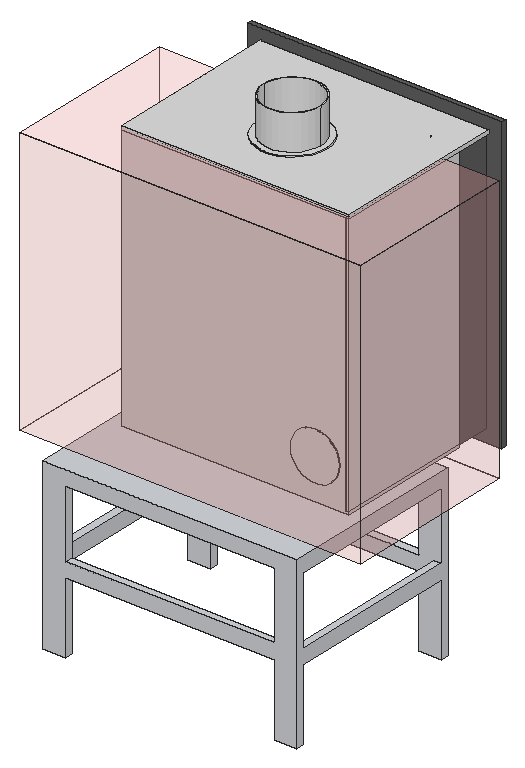
Revit family "FOGO MONTANHA-DESIGN-E609H-GLASS DOOR-R19-V00", category Mechanical Equipment, host Wall, Revit 2019
Family settings
  Host = Wall
  Round Connector Dimension = Use Diameter
  Part Type = Normal
  OmniClass Number = 23.19.17.00
  Always vertical = Yes
  Cut with Voids When Loaded = No
  Shared = No
  Room Calculation Point = No
Parameters (values of type "Glass Door-4 sided Black Steel Frame 45mm")
  r_SmallDuct_Top = Diameter / 2  # 50 mm
  r_CentralDuct_Top = F / 2  # 75 mm
  r_Duct_back = 65 mm
  V = 182
  Support Table [instance] = yes
  Pu = 5.6
  Power = 8 kW
  Pn = 8
  P = 94
  Glass = Fogo Montanha-Glass
  Frame Type = FOGO MONTANHA-DESIGN-4L FRAME : E609H-45mm-Black Steel
  Electrical Power = 32 W
  Electric tension = 230 V
  Efficiency at nominal power = "76%"
  Door_Glass_Offset = 70 mm
  Diameter = 100 mm
  Dark Glass = Fogo Montanha-Dark Glass
  URL = "https://welcome.fogo-montanha.com/pesquisar/PA2019P016"
  Door_Position = 5 mm  # constant formula
  Door = Fogo Montanha-Dark Glass
  Offset_Door-Frame = 26.7 mm
  Model = "Design-E609H"  # constant formula
  Manufacturer URL = "www.fogo-montanha.com"
  Manufacturer = "Fogo Montanha"  # constant formula
  Height from Level [instance] = 450 mm
  Version = "v00"  # constant formula
  Uniformat II Description = "Heat Generating Systems"  # constant formula
  Uniformat II Code = "D3020"  # constant formula
  Uniclass 2015 Name = "Space heaters"  # constant formula
  Uniclass 2015 Code = "TE_70_10_20_80"  # constant formula
  Uniclass 2.0 Description = "Space Heating And Cooling Products"  # constant formula
  Uniclass 2.0 Code = "PR-70-60-36-74"  # constant formula
  Uniclass 1.4 Description = "Fireplaces"  # constant formula
  Uniclass 1.4 Code = "L828"  # constant formula
  UNSPSC Description = "Space Heaters"  # constant formula
  UNSPSC Code = "40101819"  # constant formula
  Reference = "PA2019P016"
  Publication date = "08/2022"  # constant formula
  Number of Poles = 1
  NBS Reference Description = "Room Heaters"  # constant formula
  NBS Reference Code = "60-36-74"  # constant formula
  Masterformat 2014 Description = "Fireplaces and Stoves"  # constant formula
  Masterformat 2014 Code = "10 30 00"  # constant formula
  K = B + 13 mm  # 713 mm
  J = A + 17 mm  # 607 mm
  IfcExportType = "IfcSpaceHeaterType"  # constant formula
  IfcExportAs = "IfcSpaceHeater"  # constant formula
  G = 285 mm
  F = 150 mm
  Offset_Duct_Back = 90 mm
  Clearance Zone Visible [instance] = yes
  Clearance Zone = 150 mm
  Cl = 2.4
  CO2 = 9.1
  CO 13% O2 = 0.067
  Aux_Duct_Top = 120 mm
  Det_Door = -1 mm
  Description = "Inseríveis a lenha com ventilação tangencial incluída de série, disponíveis em preto, cinza ou porta em vidro. Incluem porta com sistema de fecho automático, ar externo canalizável através de um kit opcional, dupla combustão e câmara estanque. Possibilidade de regulação da ventilação através de um controlador GLA que, com a inclusão de um Damper, permitirá também o controlo do ar de combustão. Kit wi-fi opcional para gestão do controlador GLA à distância através de smartphone."  # constant formula
  D = 465 mm
  Body = Fogo Montanha-Steel Galvanized
  Base_Offset [instance] = if(and(Height from Level < 300 mm, Support Table), 300 mm, if(and(Height from Level > 545 mm, Support Table), 545 mm, Height from Level))  # 450 mm
  E = B  # 700 mm
  C = A  # 590 mm
  BIM Modeler URL = "www.stratbim.com"
  BIM Modeler = "StratBIM"
  B = 700 mm
  Assembly Code = "D3020"
  A = 590 mm
Types (6, lengths in mm): name | Power | Frame Type | URL
  Glass Door-4 sided Black Steel Frame 45mm | 8 kW | FOGO MONTANHA-DESIGN-4L FRAME : E609H-45mm-Black Steel | "https://welcome.fogo-montanha.com/pesquisar/PA2019P016"
  Glass Door-4 sided Black Steel Frame 20mm | 8 kW | FOGO MONTANHA-DESIGN-4L FRAME : E609H-20mm-Black Steel | "https://welcome.fogo-montanha.com/pesquisar/PA2019P016"
  Glass Door-3 sided Black Steel Frame 45mm | 8 kW | FOGO MONTANHA-DESIGN-3L FRAME : E609H-45mm-Black Steel | "https://welcome.fogo-montanha.com/pesquisar/PA2019P016"
  Glass Door-3 sided Black Steel Frame 20mm | 8 kW | FOGO MONTANHA-DESIGN-3L FRAME : E609H-20mm-Black Steel | "https://welcome.fogo-montanha.com/pesquisar/PA2019P016"
  Glass Door-3 sided Glass Frame 50mm | 8 kW | FOGO MONTANHA-DESIGN-3L FRAME : E609H-50mm-Glass | "https://welcome.fogo-montanha.com/pesquisar/PA2019P016"
  Glass Door-4 sided Glass Frame 50mm | 11.9 kW | FOGO MONTANHA-DESIGN-4L FRAME : E609H-50mm-Glass | "https:///welcome.fogo-montanha.com/pesquisar/PA2019P016"
Reference planes
  plane 1 "Wall": y = 0
  plane 2 "Center (Left/Right)": x = 0
  plane 3 "Front": y = 75
  plane 4 "2": x = 295
  plane 5 "3": x = -295
  plane 6 "4": x = -295
  plane 7 "5": x = 295
  plane 8 "6": x = -303.5
  plane 9 "7": x = 303.5
  plane 10 "K'": z = 1163
  plane 11 "K": z = 450
  plane 12: y = -200
  plane 13: y = -390
  plane 14 "8": x = -50
  plane 15 "9": x = 50
  plane 16 "10": x = 213.5
  plane 17: z = 806.5
  plane 18 "B'": z = 1156.5
  plane 19 "B": z = 456.5
  plane 20 "E'": z = 1156.5
  plane 21 "E": z = 456.5
  plane 22 "L": z = 558.7
  plane 23: y = -46
  plane 24 "M": x = -183.5
  plane 25 "M'": x = 183.5
  plane 26: z = 462
  plane 27 "S": x = -298.5
  plane 28 "T": x = 298.5
  plane 29 "U": x = 271.8
  plane 30 "V": x = -271.8
  plane 31: z = 1129.8
  plane 32: z = 488.7
  plane 33: z = 558.7
  plane 34: z = 1059.8
  plane 35 "W": x = 201.8
  plane 36 "X": x = -201.8
  plane 37: y = -340
  plane 38 "Y": x = 100
  plane 39 "AA": x = -100
  plane 40: y = 87
  plane 41 "BB": z = 1263
  plane 42 "Origin": z = 0
  plane 43: y = -25
Forms (mm)
  Extrusion 1, solid, material "Fogo Montanha-Steel Galvanized" <- "Body", detail levels coarse
    sketch origin (0, 75, 0) x (1, 0, 0) y (0, 0, 1)
      loop
        line (303.5, 450) -> (303.5, 1156.5) -> (-303.5, 1156.5) -> (-303.5, 450) -> (303.5, 450)
    from 0 to 465
  Extrusion 2, solid, material "Fogo Montanha-Steel Galvanized" <- "Body", detail levels medium+fine
    sketch origin (-303.5, 0, 0) x (0, 1, 0) y (0, 0, 1)
      loop
        line (-25, 456.5) -> (-25, 1156.5) -> (-200, 1156.5) -> (-390, 1156.5) -> (-390, 456.5) -> (-25, 456.5)
    from 0 to 8.5
  Extrusion 3, solid, material "Fogo Montanha-Steel Galvanized" <- "Body", detail levels medium+fine
    sketch origin (303.5, 30, 0) x (0, 1, 0) y (0, 0, -1)
      loop
        line (-55, -456.5) -> (-420, -456.5) -> (-420, -1156.5) -> (-230, -1156.5) -> (-55, -1156.5) -> (-55, -456.5)
    from 0 to 8.5
  Extrusion 4, solid, material "Fogo Montanha-Steel Galvanized" <- "Body", detail levels medium+fine
    sketch origin (1420, -390, 1200) x (1, 0, 0) y (0, 0, 1)
      loop
        line (-1125, -743.5) -> (-1125, -43.5) -> (-1715, -43.5) -> (-1715, -743.5) -> (-1125, -743.5)
    from 0 to -8
  Extrusion 5, solid, material "Fogo Montanha-Steel Galvanized" <- "Body", detail levels medium+fine
    sketch origin (2348.699, 225, 1156.5) x (1, 0, 0) y (0, 1, 0)
      loop
        line (-2652.199, -150) -> (-2652.199, -615) -> (-2045.199, -615) -> (-2045.199, -150) -> (-2652.199, -150)
      loop
        circle (-2348.699, -425) r 75
    from 10 to 0
  Extrusion 6, solid, material "Fogo Montanha-Steel Galvanized" <- "Body", detail levels medium+fine
    sketch origin (2348.699, 225, 456.5) x (1, 0, 0) y (0, 1, 0)
      loop
        line (-2652.199, -250) -> (-2652.199, -615) -> (-2045.199, -615) -> (-2045.199, -250) -> (-2652.199, -250)
    from -6.5 to 0
  Extrusion 7, solid, material "Fogo Montanha-Steel Galvanized" <- "Body", detail levels medium+fine
    sketch origin (1420, -390, 1200) x (1, 0, 0) y (0, 0, 1)
      loop
        circle (-1206.5, -641.3) r 65
    from 0 to 1
  Sweep 8, solid, material "Fogo Montanha-Steel Galvanized" <- "Body"
    path in 3D
      loop
        arc (-75, -200, 1163) -> (0, -275, 1163) -> (75, -200, 1163) r 75
        arc (75, -200, 1163) -> (0, -125, 1163) -> (-75, -200, 1163) r 75
    profile origin (0, -125, 1163) x (0, -1, 0) y (0, 0, 1)
      loop
        line (0, 3.5) -> (0, 100) -> (-2, 100) -> (-2, 6.467) -> (-17, 6.467) -> (-17, 3.5) -> (0, 3.5)
  Extrusion 9, solid, material "Fogo Montanha-Dark Glass" <- "Dark Glass", detail levels medium+fine
    sketch origin (0, 75, 0) x (1, 0, 0) y (0, 0, 1)
      loop
        line (271.8, 488.7) -> (271.8, 1129.8) -> (-271.8, 1129.8) -> (-271.8, 488.7) -> (271.8, 488.7)
      loop
        line (201.8, 558.7) -> (201.8, 1059.8) -> (-201.8, 1059.8) -> (-201.8, 558.7) -> (201.8, 558.7)
    from 0 to -2
  Extrusion 10, solid, material "Fogo Montanha-Vermiculite", detail levels medium+fine
    sketch origin (-271.8, 0, 0) x (0, 1, 0) y (0, 0, 1)
      loop
        line (-25, 488.7) -> (-25, 1059.8) -> (-200, 1059.8) -> (-340, 806.5) -> (-340, 488.7) -> (-25, 488.7)
    from 0 to 8.5
  Extrusion 11, solid, material "Fogo Montanha-Vermiculite", detail levels medium+fine
    sketch origin (271.8, 0, 0) x (0, 1, 0) y (0, 0, 1)
      loop
        line (-25, 488.7) -> (-25, 1059.8) -> (-200, 1059.8) -> (-340, 806.5) -> (-340, 488.7) -> (-25, 488.7)
    from 0 to -8.5
  Extrusion 12, solid, material "Fogo Montanha-Vermiculite", detail levels medium+fine
    sketch origin (1420, -340, 1200) x (1, 0, 0) y (0, 0, 1)
      loop
        line (-1156.7, -711.3) -> (-1156.7, -393.5) -> (-1683.3, -393.5) -> (-1683.3, -711.3) -> (-1156.7, -711.3)
    from 0 to -8.5
  Extrusion 13, solid, material "Fogo Montanha-Vermiculite", detail levels medium+fine
    sketch origin (0, 0, 0) x (0, 1, 0) y (0, 0, 1)
      loop
        line (-200, 1059.8) -> (-340, 806.5) -> (-329.009, 806.5) -> (-200, 1046.392) -> (-200, 1059.8)
    from -271.8 to 271.8
  Extrusion 14, solid, material "Fogo Montanha-Vermiculite", detail levels medium+fine
    sketch origin (2348.699, 225, 488.7) x (1, 0, 0) y (0, 1, 0)
      loop
        line (-2620.499, -250) -> (-2620.499, -565) -> (-2076.899, -565) -> (-2076.899, -250) -> (-2620.499, -250)
      loop
        line (-2248.699, -271) -> (-2448.699, -271) -> (-2448.699, -425) -> (-2248.699, -425) -> (-2248.699, -271)
    from 0 to 10
  Extrusion 15, solid, material "Fogo Montanha-Steel Galvanized", detail levels medium+fine
    sketch origin (2348.699, 225, 488.7) x (1, 0, 0) y (0, 1, 0)
      loop
        line (-2248.699, -271) -> (-2448.699, -271) -> (-2448.699, -425) -> (-2248.699, -425) -> (-2248.699, -271)
      loop
        line (-2435.699, -300) -> (-2361.699, -300)
        arc (-2361.699, -300) -> (-2359.578, -299.121) -> (-2358.699, -297) r 3
        line (-2358.699, -297) -> (-2358.699, -284)
        arc (-2358.699, -284) -> (-2359.578, -281.879) -> (-2361.699, -281) r 3
        line (-2361.699, -281) -> (-2435.699, -281)
        arc (-2435.699, -281) -> (-2437.82, -281.879) -> (-2438.699, -284) r 3
        line (-2438.699, -284) -> (-2438.699, -297)
        arc (-2438.699, -297) -> (-2437.82, -299.121) -> (-2435.699, -300) r 3
      loop
        arc (-2261.699, -300) -> (-2259.578, -299.121) -> (-2258.699, -297) r 3
        line (-2258.699, -297) -> (-2258.699, -284)
        arc (-2258.699, -284) -> (-2259.578, -281.879) -> (-2261.699, -281) r 3
        line (-2261.699, -281) -> (-2335.699, -281)
        arc (-2335.699, -281) -> (-2337.82, -281.879) -> (-2338.699, -284) r 3
        line (-2338.699, -284) -> (-2338.699, -297)
        arc (-2338.699, -297) -> (-2337.82, -299.121) -> (-2335.699, -300) r 3
        line (-2335.699, -300) -> (-2261.699, -300)
      loop
        line (-2435.699, -329) -> (-2361.699, -329)
        arc (-2361.699, -329) -> (-2359.578, -328.121) -> (-2358.699, -326) r 3
        line (-2358.699, -326) -> (-2358.699, -313)
        arc (-2358.699, -313) -> (-2359.578, -310.879) -> (-2361.699, -310) r 3
        line (-2361.699, -310) -> (-2435.699, -310)
        arc (-2435.699, -310) -> (-2437.82, -310.879) -> (-2438.699, -313) r 3
        line (-2438.699, -313) -> (-2438.699, -326)
        arc (-2438.699, -326) -> (-2437.82, -328.121) -> (-2435.699, -329) r 3
      loop
        arc (-2261.699, -329) -> (-2259.578, -328.121) -> (-2258.699, -326) r 3
        line (-2258.699, -326) -> (-2258.699, -313)
        arc (-2258.699, -313) -> (-2259.578, -310.879) -> (-2261.699, -310) r 3
        line (-2261.699, -310) -> (-2335.699, -310)
        arc (-2335.699, -310) -> (-2337.82, -310.879) -> (-2338.699, -313) r 3
        line (-2338.699, -313) -> (-2338.699, -326)
        arc (-2338.699, -326) -> (-2337.82, -328.121) -> (-2335.699, -329) r 3
        line (-2335.699, -329) -> (-2261.699, -329)
      loop
        line (-2435.699, -358) -> (-2361.699, -358)
        arc (-2361.699, -358) -> (-2359.578, -357.121) -> (-2358.699, -355) r 3
        line (-2358.699, -355) -> (-2358.699, -342)
        arc (-2358.699, -342) -> (-2359.578, -339.879) -> (-2361.699, -339) r 3
        line (-2361.699, -339) -> (-2435.699, -339)
        arc (-2435.699, -339) -> (-2437.82, -339.879) -> (-2438.699, -342) r 3
        line (-2438.699, -342) -> (-2438.699, -355)
        arc (-2438.699, -355) -> (-2437.82, -357.121) -> (-2435.699, -358) r 3
      loop
        arc (-2261.699, -358) -> (-2259.578, -357.121) -> (-2258.699, -355) r 3
        line (-2258.699, -355) -> (-2258.699, -342)
        arc (-2258.699, -342) -> (-2259.578, -339.879) -> (-2261.699, -339) r 3
        line (-2261.699, -339) -> (-2335.699, -339)
        arc (-2335.699, -339) -> (-2337.82, -339.879) -> (-2338.699, -342) r 3
        line (-2338.699, -342) -> (-2338.699, -355)
        arc (-2338.699, -355) -> (-2337.82, -357.121) -> (-2335.699, -358) r 3
        line (-2335.699, -358) -> (-2261.699, -358)
      loop
        line (-2435.699, -387) -> (-2361.699, -387)
        arc (-2361.699, -387) -> (-2359.578, -386.121) -> (-2358.699, -384) r 3
        line (-2358.699, -384) -> (-2358.699, -371)
        arc (-2358.699, -371) -> (-2359.578, -368.879) -> (-2361.699, -368) r 3
        line (-2361.699, -368) -> (-2435.699, -368)
        arc (-2435.699, -368) -> (-2437.82, -368.879) -> (-2438.699, -371) r 3
        line (-2438.699, -371) -> (-2438.699, -384)
        arc (-2438.699, -384) -> (-2437.82, -386.121) -> (-2435.699, -387) r 3
      loop
        arc (-2261.699, -387) -> (-2259.578, -386.121) -> (-2258.699, -384) r 3
        line (-2258.699, -384) -> (-2258.699, -371)
        arc (-2258.699, -371) -> (-2259.578, -368.879) -> (-2261.699, -368) r 3
        line (-2261.699, -368) -> (-2335.699, -368)
        arc (-2335.699, -368) -> (-2337.82, -368.879) -> (-2338.699, -371) r 3
        line (-2338.699, -371) -> (-2338.699, -384)
        arc (-2338.699, -384) -> (-2337.82, -386.121) -> (-2335.699, -387) r 3
        line (-2335.699, -387) -> (-2261.699, -387)
      loop
        line (-2435.699, -416) -> (-2361.699, -416)
        arc (-2361.699, -416) -> (-2359.578, -415.121) -> (-2358.699, -413) r 3
        line (-2358.699, -413) -> (-2358.699, -400)
        arc (-2358.699, -400) -> (-2359.578, -397.879) -> (-2361.699, -397) r 3
        line (-2361.699, -397) -> (-2435.699, -397)
        arc (-2435.699, -397) -> (-2437.82, -397.879) -> (-2438.699, -400) r 3
        line (-2438.699, -400) -> (-2438.699, -413)
        arc (-2438.699, -413) -> (-2437.82, -415.121) -> (-2435.699, -416) r 3
      loop
        arc (-2261.699, -416) -> (-2259.578, -415.121) -> (-2258.699, -413) r 3
        line (-2258.699, -413) -> (-2258.699, -400)
        arc (-2258.699, -400) -> (-2259.578, -397.879) -> (-2261.699, -397) r 3
        line (-2261.699, -397) -> (-2335.699, -397)
        arc (-2335.699, -397) -> (-2337.82, -397.879) -> (-2338.699, -400) r 3
        line (-2338.699, -400) -> (-2338.699, -413)
        arc (-2338.699, -413) -> (-2337.82, -415.121) -> (-2335.699, -416) r 3
        line (-2335.699, -416) -> (-2261.699, -416)
    from 0 to 10
  Extrusion 16, solid, material "Fogo Montanha-Black Steel", detail levels medium+fine
    sketch origin (0, 75, 0) x (1, 0, 0) y (0, 0, 1)
      loop
        line (271.8, 488.7) -> (271.8, 1129.8) -> (-271.8, 1129.8) -> (-271.8, 488.7) -> (-269.8, 488.7) -> (-269.8, 1127.8) -> (269.8, 1127.8) -> (269.8, 488.7) -> (271.8, 488.7)
    from 0 to 100
  Extrusion 17, solid, visible <- "Clearance Zone Visible"
    sketch origin (2348.699, 225, 1156.5) x (1, 0, 0) y (0, 1, 0)
      loop
        line (-2802.199, -300) -> (-2802.199, -765) -> (-1895.199, -765) -> (-1895.199, -300) -> (-2045.199, -300) -> (-2045.199, -615) -> (-2652.199, -615) -> (-2652.199, -300) -> (-2802.199, -300)
    from -706.5 to 6.5
  Extrusion 18, solid
    sketch origin (2348.699, 225, 1163) x (1, 0, 0) y (0, 1, 0)
      loop
        circle (-2165.199, -271) r 50
    from 0 to 1
  Extrusion 19, solid
    sketch origin (2348.699, 225, 1163) x (1, 0, 0) y (0, 1, 0)
      loop
        circle (-2532.199, -271) r 50
    from 0 to 1
  Extrusion 20, solid, material "Fogo Montanha-Black Steel", detail levels medium+fine
    sketch origin (1420, -25, 1200) x (1, 0, 0) y (0, 0, 1)
      loop
        line (-1148.2, -711.3) -> (-1148.2, -70.2) -> (-1691.8, -70.2) -> (-1691.8, -711.3) -> (-1148.2, -711.3)
      loop
        line (-1125, -750) -> (-1125, -43.5) -> (-1715, -43.5) -> (-1715, -750) -> (-1125, -750)
    from 0 to -10
  Extrusion 21, solid, material "Fogo Montanha-Black Steel", detail levels medium+fine
    sketch origin (0, 75, 0) x (1, 0, 0) y (0, 0, 1)
      loop
        line (271.8, 486.7) -> (271.8, 1129.8) -> (-271.8, 1129.8) -> (-271.8, 486.7) -> (271.8, 486.7)
      loop
        line (269.8, 488.7) -> (269.8, 1127.8) -> (-269.8, 1127.8) -> (-269.8, 488.7) -> (269.8, 488.7)
    from 0 to 100
  Extrusion 22, solid, material "Fogo Montanha-Black Steel", detail levels medium+fine
    sketch origin (0, 75, 0) x (1, 0, 0) y (0, 0, 1)
      loop
        line (297, 450) -> (297, 1156.5) -> (-297, 1156.5) -> (-297, 450) -> (297, 450)
      loop
        line (295, 452) -> (295, 1154.5) -> (-295, 1154.5) -> (-295, 452) -> (295, 452)
    from 0 to 100
  Extrusion 23, solid, material "Fogo Montanha-Dark Glass", detail levels medium+fine
    sketch origin (0, 75, 0) x (1, 0, 0) y (0, 0, 1)
      loop
        line (271.8, 488.7) -> (271.8, 1129.8) -> (-271.8, 1129.8) -> (-271.8, 488.7) -> (271.8, 488.7)
      loop
        line (-201.8, 558.7) -> (201.8, 558.7) -> (201.8, 1059.8) -> (-201.8, 1059.8) -> (-201.8, 558.7)
    from 0 to 2
  Extrusion 24, solid, material "Fogo Montanha-Glass" <- "Glass", detail levels medium+fine
    sketch origin (0, 75, 0) x (1, 0, 0) y (0, 0, 1)
      loop
        line (201.8, 558.7) -> (201.8, 1059.8) -> (-201.8, 1059.8) -> (-201.8, 558.7) -> (201.8, 558.7)
    from 0 to 2
  Extrusion 25, solid, material "Fogo Montanha-Steel", detail levels medium+fine
    sketch origin (0, 0, 0) x (0, 1, 0) y (0, 0, 1)
      loop
        line (-46, 1088.8) -> (-46, 1096.8) -> (-250, 1096.8) -> (-250, 1071.347) -> (-200, 1071.347) -> (-180, 1059.8) -> (-75, 1059.8) -> (-46, 1088.8)
    from -150 to 150
  Extrusion 26, solid, material "Fogo Montanha-Black Steel", detail levels medium+fine
    sketch origin (0, 0, 103.5) x (1, 0, 0) y (0, 0, 1)
      loop
        line (271.8, 385.2) -> (271.8, 1026.3) -> (-271.8, 1026.3) -> (-271.8, 385.2) -> (271.8, 385.2)
      loop
        line (-201.8, 455.2) -> (201.8, 455.2) -> (201.8, 956.3) -> (-201.8, 956.3) -> (-201.8, 455.2)
    from -20 to -22
  Extrusion 27, solid, material "Fogo Montanha-Black Steel", detail levels medium+fine
    sketch origin (0, 75, 107.7) x (1, 0, 0) y (0, 0, 1)
      loop
        line (271.8, 451) -> (-271.8, 451) -> (-271.8, 449) -> (271.8, 449) -> (271.8, 451)
    from 2 to 53
Cuts and joins
  joined: Extrusion 10, Extrusion 11, Extrusion 12, Extrusion 13, Extrusion 14
  joined: Extrusion 21, Extrusion 27
  joined: Extrusion 16, Extrusion 26
  joined: Extrusion 2, Extrusion 4, Extrusion 6
Lines and regions (mm)
  Opening 1
    outline origin (-5000, -75, 0) x (1, 0, 0) y (0, 0, 1)
      loop
        line (4696.5, 450) -> (5303.5, 450) -> (5303.5, 1163) -> (4696.5, 1163) -> (4696.5, 450)
  reference lines
    curve 1: circle (0, -200, 1163) r 75 normal (0, 0, 1)
    curve 2: circle (213.5, 75, 558.7) r 65 normal (0, -1, 0)
    curve 4: circle (-183.5, -46, 1156.5) r 50 normal (0, 0, 1)
    curve 5: circle (183.5, -46, 1156.5) r 50 normal (0, 0, 1)
  sketch lines
    curve 3: circle (0, -200, 1163) r 75 normal (0, 0, 1)
Text (mm)
  text "Placement side" at (-1304.494, 278.82, 0), in view "Ref. Level"
  text "Placement side" at (0, 1334.055, 2976.191), in view "Left"
  text "Placement side" at (0, 439.194, 2944.362), in view "Right"
Dimensions and locks
  locked: plane 3 "Front" to host wall at 0
  "C": plane 4 "2" to plane 5 "3"
  equal spacing: plane 4 "2", plane 2 "Center (Left/Right)", plane 5 "3"
  equal spacing: plane 7 "5", plane 2 "Center (Left/Right)", plane 6 "4"
  "A": plane 7 "5" to plane 6 "4"
  equal spacing: plane 9 "7", plane 2 "Center (Left/Right)", plane 8 "6"
  "J": plane 8 "6" to plane 9 "7"
  "K": plane 11 "K" to plane 10 "K'"
  "Base_Offset": level to plane 11 "K"
  equal spacing: plane 14 "8", plane 2 "Center (Left/Right)", plane 15 "9"
  plane 14 "8" to plane 15 "9" = 100 mm
  equal spacing: plane 11 "K", plane 17, plane 10 "K'"
  equal spacing: plane 19 "B", plane 17, plane 18 "B'"
  "B": plane 19 "B" to plane 18 "B'"
  equal spacing: plane 21 "E", plane 17, plane 20 "E'"
  "E": plane 21 "E" to plane 20 "E'"
  "Offset_Duct_Back": plane 9 "7" to plane 16 "10"
  locked: plane 11 "K" to plane 22 "L" at 108.7
  "Aux_Duct_Top": plane 8 "6" to plane 24 "M"
  "Aux_Duct_Top": plane 25 "M'" to plane 9 "7"
  "Offset_Door-Frame": plane 26 to plane 32
  "Offset_Door-Frame": plane 28 "T" to plane 29 "U"
  "Offset_Door-Frame": plane 30 "V" to plane 27 "S"
  "Door_Glass_Offset": plane 32 to plane 33
  "Door_Glass_Offset": plane 34 to plane 31
  "Door_Glass_Offset": plane 29 "U" to plane 35 "W"
  "Door_Glass_Offset": plane 36 "X" to plane 30 "V"
  locked: plane 13 to plane 37 at 50
  locked: plane 3 "Front" to plane 40 at 12
  Extrusion 15 sketch curve to Extrusion 15 sketch curve to Extrusion 15 sketch curve to Extrusion 15 sketch curve to Extrusion 15 sketch curve to Extrusion 15 sketch curve = 10 mm locked, 80 mm locked, 20 mm locked, 80 mm locked, 10 mm locked
  Extrusion 15 sketch curve to Extrusion 15 sketch curve to Extrusion 15 sketch curve to Extrusion 15 sketch curve to Extrusion 15 sketch curve to Extrusion 15 sketch curve to Extrusion 15 sketch curve to Extrusion 15 sketch curve to Extrusion 15 sketch curve to Extrusion 15 sketch curve to Extrusion 15 sketch curve to Extrusion 15 sketch curve = 10 mm locked, 19 mm locked, 10 mm locked, 19 mm locked, 10 mm locked, 19 mm locked, 10 mm locked, 19 mm locked, 10 mm locked, 19 mm locked, 9 mm locked
  "Door_Position": plane 9 "7" to plane 28 "T"
  "Door_Position": plane 27 "S" to plane 8 "6"
  locked: plane 43 to plane 3 "Front" at 100
  "Clearance Zone": Extrusion 17 sketch curve to Extrusion 17 sketch curve  (x3)
  locked: Extrusion 9 to Extrusion 16 at 2
  locked: Extrusion 16 to Extrusion 9 at 2  (x2)
  locked: Extrusion 21 sketch curve to Extrusion 9 at 2
  "Offset_Door-Frame": plane 31 to plane 20 "E'"
  locked: plane 10 "K'" to plane 41 "BB" at 100
  Extrusion 27 sketch curve to plane 33 = 2 mm
  plane 11 "K" to Extrusion 22 sketch curve = 2 mm
  locked: Extrusion 22 sketch curve to plane 20 "E'" at 2
  locked: Extrusion 22 sketch curve to plane 7 "5" at 2
  locked: plane 6 "4" to Extrusion 22 sketch curve at 2
  plane 11 "K" to plane 21 "E" = 6.5 mm
  locked: plane 11 "K" to plane 26 at 12
  locked: plane 37 to plane 12 at 140
  locked: plane 12 to plane 23 at 154
  locked: plane 23 to plane 43 at 21
  cut or joined group of Extrusion 16, Extrusion 26 to cut or joined group of Extrusion 16, Extrusion 26 to plane 40 = 2 mm locked, 65 mm locked
  locked: plane 43 to plane 1 "Wall" at 25
  "r_CentralDuct_Top": radius of curve 1
  "r_Duct_back": radius of curve 2
  "r_SmallDuct_Top": radius of curve 5
  "r_SmallDuct_Top": radius of curve 4
  aligned and locked: plane 8 "6" to Opening 1 sketch curve
  aligned and locked: Opening 1 sketch curve to plane 9 "7"
  aligned and locked: plane 10 "K'" to Opening 1 sketch curve
  aligned and locked: plane 11 "K" to Opening 1 sketch curve
  aligned and locked: plane 8 "6" to Extrusion 1 sketch curve
  aligned and locked: Extrusion 1 sketch curve to plane 9 "7"
  aligned and locked: plane 18 "B'" to Extrusion 1 sketch curve
  aligned and locked: plane 13 to Extrusion 1
  aligned and locked: plane 19 "B" to Extrusion 2 sketch curve
  aligned and locked: plane 18 "B'" to Extrusion 2 sketch curve
  aligned and locked: plane 13 to Extrusion 2 sketch curve
  aligned and locked: Extrusion 3 sketch curve to plane 18 "B'"
  aligned and locked: Extrusion 3 sketch curve to plane 13
  aligned and locked: Extrusion 3 sketch curve to plane 19 "B"
  aligned and locked: plane 4 "2" to Extrusion 4 sketch curve
  aligned and locked: plane 5 "3" to Extrusion 4 sketch curve
  aligned and locked: plane 21 "E" to Extrusion 4 sketch curve
  aligned and locked: plane 20 "E'" to Extrusion 4 sketch curve
  aligned and locked: plane 5 "3" to Extrusion 2
  aligned and locked: Extrusion 3 to plane 4 "2"
  aligned and locked: Extrusion 5 sketch curve to plane 8 "6"
  aligned and locked: plane 9 "7" to Extrusion 5 sketch curve
  aligned and locked: Extrusion 5 sketch curve to plane 13
  aligned and locked: Extrusion 5 sketch curve to curve 1
  aligned and locked: plane 9 "7" to Extrusion 6 sketch curve
  aligned and locked: Extrusion 6 sketch curve to plane 8 "6"
  aligned and locked: Extrusion 6 sketch curve to plane 13
  aligned and locked: Extrusion 7 sketch curve to curve 2
  aligned and locked: plane 24 "M" to curve 4
  aligned and locked: plane 23 to curve 4
  aligned and locked: plane 23 to curve 5
  aligned and locked: plane 25 "M'" to curve 5
  aligned and locked: plane 32 to Extrusion 9 sketch curve
  aligned and locked: Extrusion 9 sketch curve to plane 29 "U"
  aligned and locked: Extrusion 9 sketch curve to plane 31
  aligned and locked: plane 30 "V" to Extrusion 9 sketch curve
  aligned and locked: Extrusion 10 to plane 32
  aligned and locked: plane 34 to Extrusion 10 sketch curve
  aligned and locked: plane 12 to Extrusion 10 sketch curve
  aligned and locked: Extrusion 12 to Extrusion 10
  aligned and locked: Extrusion 12 to Extrusion 11
  aligned and locked: Extrusion 11 sketch curve to Extrusion 12
  aligned and locked: Extrusion 10 sketch curve to plane 37
  aligned and locked: plane 17 to Extrusion 12
  aligned and locked: plane 17 to Extrusion 10 sketch curve
  aligned and locked: plane 17 to Extrusion 11 sketch curve
  aligned and locked: Extrusion 13 sketch curve to Extrusion 10
  aligned and locked: plane 17 to Extrusion 13 sketch curve
  aligned and locked: plane 12 to Extrusion 13 sketch curve
  aligned and locked: plane 29 "U" to Extrusion 13
  aligned and locked: Extrusion 13 to plane 30 "V"
  aligned and locked: Extrusion 10 to Extrusion 12
  aligned and locked: Extrusion 14 sketch curve to plane 30 "V"
  aligned and locked: Extrusion 14 sketch curve to plane 37
  aligned and locked: Extrusion 14 sketch curve to plane 29 "U"
  aligned and locked: plane 12 to Extrusion 14 sketch curve
  aligned and locked: Extrusion 14 sketch curve to plane 23
  aligned and locked: Extrusion 14 sketch curve to plane 39 "AA"
  aligned and locked: plane 38 "Y" to Extrusion 14 sketch curve
  aligned and locked: Extrusion 15 sketch curve to plane 38 "Y"
  aligned and locked: Extrusion 15 sketch curve to plane 23
  aligned and locked: Extrusion 15 to plane 32
  aligned and locked: Extrusion 14 to Extrusion 15
  aligned and locked: Extrusion 15 sketch curve to Extrusion 15 sketch curve  (x26)
  aligned and locked: nested 1 to plane 2 "Center (Left/Right)"
  aligned and locked: plane 41 "BB" to Sweep 8 sketch curve
  aligned and locked: Extrusion 5 to Sweep 8 sketch curve
  aligned and locked: level to plane 42 "Origin"
  aligned and locked: Extrusion 10 sketch curve to plane 43
  aligned and locked: plane 43 to Extrusion 3 sketch curve
  aligned and locked: Extrusion 2 sketch curve to plane 43
  aligned and locked: plane 29 "U" to Extrusion 16 sketch curve
  aligned and locked: plane 31 to Extrusion 16 sketch curve
  aligned and locked: plane 30 "V" to Extrusion 16 sketch curve
  aligned and locked: Extrusion 16 sketch curve to plane 32
  aligned and locked: plane 32 to Extrusion 16 sketch curve
  aligned and locked: plane 43 to Extrusion 16
  aligned and locked: Extrusion 14 sketch curve to plane 43
  aligned and locked: Extrusion 17 sketch curve to host wall
  aligned and locked: host wall to Extrusion 17 sketch curve
  aligned and locked: Extrusion 17 to host wall  (x2)
  aligned and locked: Extrusion 18 sketch curve to curve 5
  aligned and locked: Extrusion 19 sketch curve to curve 4
  aligned and locked: Extrusion 6 to plane 11 "K"
  aligned and locked: nested 1 to plane 17
  aligned and locked: Extrusion 22 sketch curve to plane 7 "5"
  aligned and locked: Extrusion 22 sketch curve to plane 20 "E'"
  aligned and locked: plane 6 "4" to Extrusion 22 sketch curve
  aligned and locked: plane 31 to Extrusion 23 sketch curve
  aligned and locked: Extrusion 23 sketch curve to plane 30 "V"
  aligned and locked: plane 29 "U" to Extrusion 23 sketch curve
  aligned and locked: Extrusion 23 sketch curve to plane 32
  aligned and locked: Extrusion 6 to Extrusion 2
  aligned and locked: plane 35 "W" to Extrusion 9 sketch curve
  aligned and locked: plane 34 to Extrusion 9 sketch curve
  aligned and locked: plane 36 "X" to Extrusion 9 sketch curve
  aligned and locked: plane 33 to Extrusion 9 sketch curve
  aligned and locked: plane 35 "W" to Extrusion 24 sketch curve
  aligned and locked: plane 34 to Extrusion 24 sketch curve
  aligned and locked: plane 33 to Extrusion 24 sketch curve
  aligned and locked: plane 36 "X" to Extrusion 24 sketch curve
  aligned and locked: Extrusion 11 sketch curve to plane 43
  aligned and locked: plane 23 to Extrusion 25 sketch curve
  aligned and locked: Extrusion 27 to Extrusion 26
  aligned and locked: Extrusion 27 sketch curve to plane 33
  aligned and locked: plane 29 "U" to Extrusion 26 sketch curve
  aligned and locked: Extrusion 26 sketch curve to plane 30 "V"
  aligned and locked: plane 29 "U" to Extrusion 27
  aligned and locked: Extrusion 27 to plane 30 "V"
  aligned and locked: Extrusion 26 sketch curve to plane 34
  aligned and locked: plane 31 to Extrusion 26 sketch curve
  aligned and locked: plane 9 "7" to Extrusion 17 sketch curve
  aligned and locked: Extrusion 17 sketch curve to plane 8 "6"
  aligned and locked: plane 13 to Extrusion 17 sketch curve
  aligned and locked: Extrusion 20 sketch curve to plane 20 "E'"
  aligned and locked: Extrusion 20 sketch curve to plane 31
  aligned and locked: Extrusion 20 sketch curve to plane 32
  aligned and locked: Extrusion 20 sketch curve to plane 7 "5"
  aligned and locked: Extrusion 20 sketch curve to plane 29 "U"
  aligned and locked: Extrusion 20 sketch curve to plane 6 "4"
  aligned and locked: Extrusion 20 sketch curve to plane 30 "V"
  aligned and locked: plane 33 to Extrusion 26 sketch curve
  aligned and locked: Extrusion 26 sketch curve to plane 32
  aligned and locked: Extrusion 1 sketch curve to plane 11 "K"
  aligned and locked: Extrusion 22 sketch curve to plane 11 "K"
  aligned and locked: Extrusion 20 sketch curve to plane 11 "K"
  aligned and locked: nested 2 to plane 2 "Center (Left/Right)"
  aligned and locked: nested 2 to host wall
  aligned and locked: Extrusion 27 to cut or joined group of Extrusion 16, Extrusion 26
  aligned and locked: Extrusion 27 to Extrusion 23
Automatic sketch dimensions
  Extrusion 2 sketch curve to plane 12 = 0 mm
  Extrusion 3 sketch curve to plane 12 = 0 mm
  Extrusion 5 sketch curve to host wall = 0 mm
  Sweep 8 sketch curve to profile plane = 0 mm
  profile plane to Sweep 8 sketch curve = 2 mm
  profile plane to Sweep 8 sketch curve = 6.467 mm
  Sweep 8 sketch curve to Sweep 8 sketch curve = 15 mm
  Extrusion 10 sketch curve to plane 32 = 0 mm
  Extrusion 12 sketch curve to plane 32 = 0 mm
  Extrusion 12 sketch curve to plane 17 = 0 mm
  plane 30 "V" to Extrusion 12 sketch curve = 8.5 mm
  Extrusion 12 sketch curve to plane 29 "U" = 8.5 mm
  Extrusion 13 sketch curve to plane 37 = 10.991 mm
  Extrusion 13 sketch curve to plane 34 = 13.408 mm
  Extrusion 15 sketch curve to Extrusion 15 sketch curve = 3 mm  (x40)
  plane 30 "V" to Extrusion 16 sketch curve = 2 mm
  Extrusion 16 sketch curve to plane 29 "U" = 2 mm
  Extrusion 16 sketch curve to plane 31 = 2 mm
  Extrusion 21 sketch curve to plane 30 "V" = 0 mm
  Extrusion 21 sketch curve to plane 32 = 0 mm
  Extrusion 21 sketch curve to plane 29 "U" = 0 mm
  Extrusion 21 sketch curve to plane 31 = 0 mm
  plane 30 "V" to Extrusion 21 sketch curve = 2 mm
  Extrusion 21 sketch curve to plane 29 "U" = 2 mm
  Extrusion 21 sketch curve to plane 31 = 2 mm
  Extrusion 23 sketch curve to plane 34 = 0 mm
  Extrusion 23 sketch curve to plane 36 "X" = 0 mm
  Extrusion 23 sketch curve to plane 22 "L" = 0 mm
  Extrusion 23 sketch curve to plane 35 "W" = 0 mm
  Extrusion 11 sketch curve to plane 12 = 0 mm
  Extrusion 11 sketch curve to plane 34 = 0 mm
  Extrusion 11 sketch curve to plane 32 = 0 mm
  Extrusion 26 sketch curve to plane 24 "M" = 18.3 mm
  Extrusion 26 sketch curve to plane 25 "M'" = 18.3 mm
  Extrusion 27 sketch curve to plane 36 "X" = 70 mm
  plane 16 "10" to Extrusion 27 sketch curve = 58.3 mm
  plane 43 to Extrusion 6 sketch curve = 0 mm
  Extrusion 25 sketch curve to plane 12 = 0 mm
  Extrusion 25 sketch curve to plane 34 = 0 mm
  plane 34 to Extrusion 25 sketch curve = 11.547 mm
  Extrusion 25 sketch curve to Extrusion 25 sketch curve = 50 mm
  Extrusion 25 sketch curve to plane 12 = 20 mm
  plane 23 to Extrusion 25 sketch curve = 29 mm
  plane 34 to Extrusion 25 sketch curve = 29 mm
  Extrusion 25 sketch curve to Extrusion 25 sketch curve = 8 mm
  curve 2 to plane 16 "10" = 0 mm
  curve 2 to plane 22 "L" = 0 mm
  curve 4 to plane 24 "M" = 0 mm
  curve 1 to plane 2 "Center (Left/Right)" = 0 mm
  plane 12 to curve 1 = 0 mm
Nested families
  nested 1: "FOGO MONTANHA-DESIGN-4L FRAME" at (0, 75, 806.5) x (-1, 0, 0) z (0, 1, 0), type <- "Frame Type", type "E609H-45mm-Black Steel"
    with Width 45 mm, B 690 mm, A 587 mm
  nested 2: "FOGO MONTANHA-SUPPORT TABLE-R19-V00" at (0, -75, 0) x (-1, 0, 0) z (0, 0, 1), visible <- "Support Table", H <- "Base_Offset", type "PA1090G049"
    with H 450 mm
Connectors
  hvac at (0, -200, 1263), driven by "F"
    settings: on Sweep 8, index 1, duct flow 0.0 L/s, flow factor 0, pres drop 0.0 Pa, loss coef 0, conn angle 0.00°, conn width 304.8 mm, conn height 304.8 mm, conn diameter 150 mm, duct sys type 3, conn prof type 0, flow config 0, flow direction 2, loss method 0, conn ref index -1, conn util no, is conn primary yes, conn desc ""
  electrical at (-303.5, -206, 876.5), driven by "Number of Poles", driven by "Electric tension", driven by "Electrical Power"
    settings: on Extrusion 2, index 3, voltage 230 V, apparent load 32 VA, apparent load phase1 0 VA, apparent load phase2 0 VA, apparent load phase3 0 VA, power factor 1, load classification "Other", number of poles 1, system type 30, power factor state 1, is connector primary yes, connector utility no, sub classification motor no, connector description ""
  hvac at (213.5, -390, 558.7), driven by "Diameter"
    settings: on Extrusion 7, index 4, duct flow 0.0 L/s, flow factor 0, pres drop 0.0 Pa, loss coef 0, conn angle 0.00°, conn width 304.8 mm, conn height 304.8 mm, conn diameter 100 mm, duct sys type 1, conn prof type 0, flow config 0, flow direction 1, loss method 0, conn ref index -1, conn util no, is conn primary no, conn desc ""
  hvac at (-183.5, -46, 1164), driven by "Diameter"
    settings: on Extrusion 19, index 5, duct flow 0.0 L/s, flow factor 0, pres drop 0.0 Pa, loss coef 0, conn angle 0.00°, conn width 304.8 mm, conn height 304.8 mm, conn diameter 100 mm, duct sys type 3, conn prof type 0, flow config 0, flow direction 2, loss method 0, conn ref index -1, conn util no, is conn primary no, conn desc ""
  hvac at (183.5, -46, 1164), driven by "Diameter"
    settings: on Extrusion 18, index 6, duct flow 0.0 L/s, flow factor 0, pres drop 0.0 Pa, loss coef 0, conn angle 0.00°, conn width 304.8 mm, conn height 304.8 mm, conn diameter 100 mm, duct sys type 3, conn prof type 0, flow config 0, flow direction 2, loss method 0, conn ref index -1, conn util no, is conn primary no, conn desc ""
Definition of nested family "FOGO MONTANHA-DESIGN-4L FRAME"
  Parameters (values of type "E609-20mm")
    Width = 20 mm
    Uniformat II Description = "Other HVAC Systems & Equipment"
    Uniformat II Code = "D3090"
    Uniclass 2015 Name = "Fireplace Surrounds"
    Uniclass 2015 Code = "PR_70_60_80_32"
    URL = "https://www.fogo-montanha.com/pt"
    UNSPSC Code = "40101819"
    Thickness = 12 mm
    Reference = "MO2070P132"
    Model = "Design 4 Sided"  # constant formula
    Masterformat 2014 Description = "Fireplace Specialties"
    Masterformat 2014 Code = "10 32 00"
    Manufacturer = "Fogo Montanha"  # constant formula
    Frame Material = none
    Default Elevation = 1219.2 mm
    B = 488 mm
    A = 588 mm
  Types (15, lengths in mm): name | Width | Reference | Default Elevation | B | A
    E609H-50mm | 50 | "MO2070V016" | 1219.2 | 690 | 587
    E609H-45mm | 45 | "MO2070P134" | 1219.2 | 690 | 587
    E609H-20mm | 20 | "MO2070P136" | 1219.2 | 690 | 587
    E609-50mm | 50 | "MO2070V014" | 1219.2 | 488 | 588
    E709-50mm | 50 | "MO2070V018" | 1219.2 | 556 | 688
    E809-50mm | 50 | "MO2070V020" | 1219.2 | 628 | 788
    E909-50mm | 50 | "MO2070V023" | 1219.2 | 698 | 888
    E609-45mm | 45 | "MO2070P130" | 1219.2 | 488 | 588
    E709-45mm | 45 | "MO2070P138" | 5 | 556 | 688
    E809-45mm | 45 | "MO2070P142" | 1219.2 | 628 | 788
    E909-45mm | 45 | "MO2070P146" | 1219.2 | 698 | 888
    E609-20mm | 20 | "MO2070P132" | 1219.2 | 488 | 588
    E709-20mm | 20 | "MO2070P140" | 1219.2 | 556 | 688
    E809-20mm | 20 | "MO2070P144" | 1219.2 | 628 | 788
    E909-20mm | 20 | "MO2070P148" | 1219.2 | 698 | 888
  Reference planes
    plane 1 "Center (Front/Back)": y = 0
    plane 2: z = 0
    plane 3 "Center (Left/Right)": x = 0
    plane 4: x = -294
    plane 5: x = 294
    plane 6: y = 244
    plane 7: y = -244
    plane 8: x = -314
    plane 9: z = 12
  Forms (mm)
    Extrusion 1, solid
      sketch origin (0, 0, 0) x (1, 0, 0) y (0, 1, 0)
        loop
          line (-1219.2, 1219.2) -> (-1219.2, -1219.2) -> (1219.2, -1219.2) -> (1219.2, 1219.2) -> (-1219.2, 1219.2)
      from 0 to -304.8
    Sweep 2, solid, material <- "Frame Material"
      path origin (0, 0, 0) x (1, 0, 0) y (0, 1, 0)
        loop
          line (-294, -244) -> (294, -244) -> (294, 244) -> (-294, 244) -> (-294, -244)
      profile origin (-294, 0, 0) x (1, 0, 0) y (0, 0, 1)
        loop
          line (-20, 12) -> (-20, 0) -> (0, 0) -> (0, 12) -> (-20, 12)
  Dimensions and locks
    equal spacing: plane 6, plane 1 "Center (Front/Back)", plane 7
    "B": plane 6 to plane 7
    equal spacing: plane 4, plane 3 "Center (Left/Right)", plane 5
    "A": plane 4 to plane 5
    "Thickness": plane 9 to plane 2
    "Width": plane 4 to plane 8
    aligned and locked: plane 2 to Extrusion 1
    aligned and locked: level to Extrusion 1
    aligned and locked: plane 7 to Sweep 2 sketch curve
    aligned and locked: Sweep 2 sketch curve to plane 4  (x2)
    aligned and locked: plane 6 to Sweep 2 sketch curve
    aligned and locked: Sweep 2 sketch curve to plane 5
    aligned and locked: Sweep 2 sketch curve to plane 9
    aligned and locked: Sweep 2 sketch curve to plane 8
    aligned and locked: Sweep 2 sketch curve to plane 2
  Automatic sketch dimensions
    Extrusion 1 sketch curve to Extrusion 1 sketch curve = 2438.4 mm  (x2)
Definition of nested family "FOGO MONTANHA-SUPPORT TABLE-R19-V00"
  Parameters (values of type "PA1090G049")
    URL = "https://fogo-montanha.com"
    Reference = "PA1090G049"
    P = 533 mm
    Model = "Support Table"  # constant formula
    Manufacturer = "Fogo Montanha"  # constant formula
    L = 677 mm
    H [instance] = 420 mm
    Description = "Mesa de suporte PA1090G049 compatível com os modelos Classic E601,Classic E701, Design E709, Design E609 e Design E609H."
  Types (4, lengths in mm): name | Reference | P | L | H | Description
    (no name) | "PA1090G049" | 533 | 677 | 420 | "Mesa de suporte PA1090G049 compatível com os modelos Classic E601,Classic E701, Design E709, Design E609 e Design E609H."
    PA1090G027 | "PA1090G027" | 470 | 677 | 300 | "Mesa de suporte PA1090G027 compatível com os modelos SQUARE D e SQUARE V."
    PA1090G049 | "PA1090G049" | 533 | 677 | 420 | "Mesa de suporte PA1090G049 compatível com os modelos Classic E601,Classic E701, Design E709, Design E609 e Design E609H."
    PA1090G051 | "PA1090G051" | 533 | 877 | 504 | "Mesa de suporte PA1090G051 compatível com os modelos Classic E901, Classic E801, Design E909 e Design E809."
  Reference planes
    plane 1 "Center (Front/Back)": y = 0
    plane 2: z = 0
    plane 3 "Center (Left/Right)": x = 0
    plane 4: x = -338.5
    plane 5: x = -318.5
    plane 6: x = -278.5
    plane 7: x = 278.5
    plane 8: x = 318.5
    plane 9: x = 338.5
    plane 10: y = 533
    plane 11: y = 513
    plane 12: y = 50
    plane 13: y = 30
    plane 14: z = 420
    plane 15: z = 380
    plane 16: z = 200
    plane 17: z = 160
  Forms (mm)
    Extrusion 1, solid
      sketch origin (0, 0, 0) x (1, 0, 0) y (0, 1, 0)
        loop
          line (-338.5, 533) -> (-338.5, 513) -> (-278.5, 513) -> (-278.5, 533) -> (-338.5, 533)
        loop
          line (-338.5, 30) -> (-278.5, 30) -> (-278.5, 50) -> (-338.5, 50) -> (-338.5, 30)
        loop
          line (278.5, 50) -> (278.5, 30) -> (338.5, 30) -> (338.5, 50) -> (278.5, 50)
        loop
          line (278.5, 533) -> (278.5, 513) -> (338.5, 513) -> (338.5, 533) -> (278.5, 533)
      from 0 to 380
    Extrusion 2, solid
      sketch origin (0, 0, 0) x (1, 0, 0) y (0, 1, 0)
        loop
          line (-338.5, 533) -> (-338.5, 30) -> (-278.5, 30) -> (-278.5, 0) -> (278.5, 0) -> (278.5, 30) -> (338.5, 30) -> (338.5, 533) -> (-338.5, 533)
      from 380 to 420
    Extrusion 3, solid
      sketch origin (0, 0, 0) x (1, 0, 0) y (0, 1, 0)
        loop
          line (338.5, 533) -> (-338.5, 533) -> (-338.5, 30) -> (338.5, 30) -> (338.5, 533)
        loop
          line (318.5, 513) -> (-318.5, 513) -> (-318.5, 50) -> (318.5, 50) -> (318.5, 513)
      from 160 to 200
  Cuts and joins
    joined: Extrusion 1, Extrusion 2, Extrusion 3
  Dimensions and locks
    locked: plane 4 to plane 5 at 20
    locked: plane 4 to plane 6 at 60
    locked: plane 7 to plane 9 at 60
    equal spacing: plane 4, plane 3 "Center (Left/Right)", plane 9
    "L": plane 4 to plane 9
    locked: plane 10 to plane 11 at 20
    locked: plane 12 to plane 13 at 20
    locked: plane 13 to plane 1 "Center (Front/Back)" at 30
    "P": plane 1 "Center (Front/Back)" to plane 10
    locked: plane 14 to plane 15 at 40
    locked: plane 15 to plane 16 at 180
    locked: plane 16 to plane 17 at 40
    "H": plane 14 to level
    locked: plane 8 to plane 9 at 20
    aligned and locked: level to plane 2
    aligned and locked: Extrusion 1 sketch curve to plane 10  (x2)
    aligned and locked: Extrusion 1 sketch curve to plane 11  (x2)
    aligned and locked: Extrusion 1 sketch curve to plane 6  (x2)
    aligned and locked: Extrusion 1 sketch curve to plane 4  (x2)
    aligned and locked: Extrusion 1 sketch curve to plane 13  (x2)
    aligned and locked: Extrusion 1 sketch curve to plane 12  (x2)
    aligned and locked: Extrusion 1 sketch curve to plane 9  (x2)
    aligned and locked: Extrusion 1 sketch curve to plane 7  (x2)
    aligned and locked: plane 15 to Extrusion 1
    aligned and locked: Extrusion 2 sketch curve to plane 10
    aligned and locked: Extrusion 2 sketch curve to plane 9
    aligned and locked: Extrusion 2 sketch curve to plane 13  (x2)
    aligned and locked: Extrusion 2 sketch curve to plane 1 "Center (Front/Back)"
    aligned and locked: Extrusion 2 sketch curve to plane 4
    aligned and locked: Extrusion 2 sketch curve to plane 6
    aligned and locked: Extrusion 2 sketch curve to plane 7
    aligned and locked: plane 14 to Extrusion 2
    aligned and locked: Extrusion 2 to plane 15
    aligned and locked: Extrusion 3 sketch curve to plane 9
    aligned and locked: Extrusion 3 sketch curve to plane 8
    aligned and locked: Extrusion 3 sketch curve to plane 5
    aligned and locked: Extrusion 3 sketch curve to plane 4
    aligned and locked: Extrusion 3 sketch curve to plane 11
    aligned and locked: Extrusion 3 sketch curve to plane 10
    aligned and locked: Extrusion 3 sketch curve to plane 12
    aligned and locked: Extrusion 3 sketch curve to plane 13
    aligned and locked: plane 16 to Extrusion 3
    aligned and locked: Extrusion 3 to plane 17
